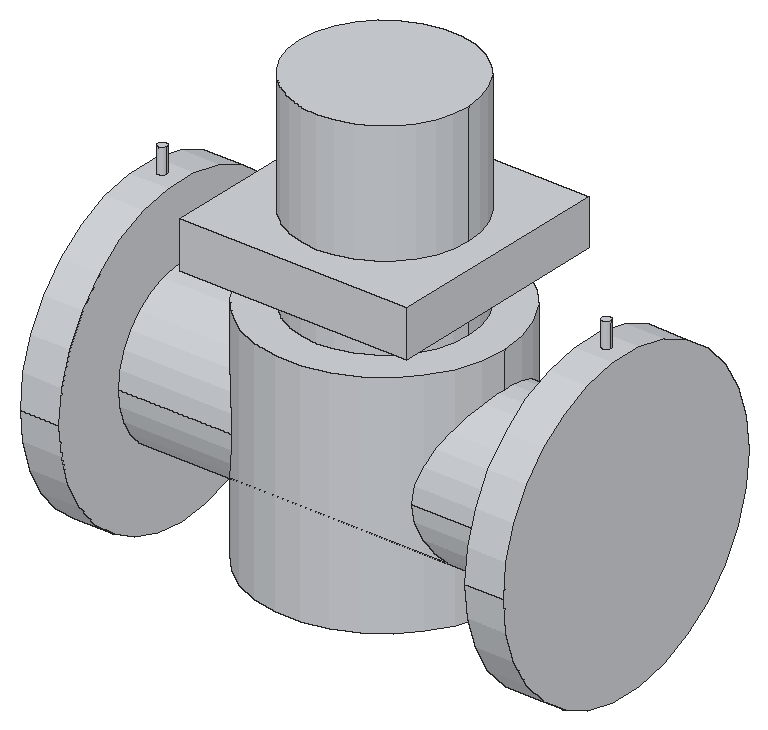
Revit family "PV_Compact_PN16_DN200_(90-350kPa)_RFA_2019", category Pipe Accessories, Revit 2019
Family settings
  Round Connector Dimension = Use Diameter
  Part Type = Valve - Breaks Into
  Work Plane-Based = No
  Always vertical = Yes
  Cut with Voids When Loaded = No
  Shared = No
Parameters (values of type "PV Compact PN16 DN200 (90-350kPa)")
  magiProductId = "d4da5ac8261147a98be9f2bfe38293"
  magiProductFamilyId = "702e6e0aa49e4742ba9b7167dc79b1"
  magiPartTypeId = 304
  isMeasuringValve [instance] = no
  ang2D [instance] = 0.00°
  W2D = 125 mm
  VersionID = "2.0/2018.12.13.2/FRESE_PV_COMPACT_BIG_Q13_001"
  Use Minimum Symbol Size [instance] = no
  URL = "www.hydronix.cz"
  Type Comments = "PŘÍRUBOVÝ; PN16; dpmax=1000kPa; -10~+110°C"
  R4 = 105 mm
  R3 = 98.8 mm
  R1 = 150 mm
  QmdConnectorList = "301;D;302;D"
  Productdata [instance] = ""
  Manufacturer = "Hydronix"
  Maintenance Zone Under Depth [instance] = 100 mm
  Maintenance Zone Right Depth [instance] = 100 mm
  Maintenance Zone Over Depth [instance] = 100 mm
  Maintenance Zone Left Depth [instance] = 100 mm
  Maintenance Zone Front Depth [instance] = 100 mm
  Maintenance Zone Back Depth [instance] = 100 mm
  Maintenance Zone Front Visibility [instance] = no
  MC Use Limits From Balancing Method = no
  MC Throttling Minimum Value = 0
  MC Throttling Maximum Value = 0
  MC Product Code = "53-3319 DN200 PN16; nastavitelný rozsah dp=90~350kPa; Q=65,2~261 m3/h;  kvs=275"
  MC Pressure Drop Minimum Value = 0.0 Pa
  MC Pressure Drop Maximum Value = 0.0 Pa
  MC Piping Given Pressure Drop [instance] = 0.0 Pa
  LF__ve = -LF  # -48 mm
  LF2 = 24 mm
  LF = 48 mm
  L4 = 282 mm
  L3 = 504 mm
  L2D_Min = 30.48 mm
  L2D = 400 mm
  L2 = 300 mm
  H6 = 150 mm
  H4 = 57 mm
  H3 = 47.5 mm
  H2 = 142.5 mm
  H1 = 285 mm
  Description = "Nastavitelný regulátor tlakové diference"
  DF2 = 190 mm
  D = 200 mm
  Clearance Zone Height Depth [instance] = 100 mm
  Clearance Zone Circular Radius [instance] = 300 mm
  Clearance Zone Visibility [instance] = no
  CAT0 = yes
Types (3, lengths in mm): name | magiProductId | Type Comments | R4 | R3 | R1 | MC Product Code | LF__ve | LF2 | LF | L4 | L3 | L2 | H6 | H4 | H3 | H2 | H1 | DF2 | D | Clearance Zone Circular Radius
  PV Compact PN16 DN125 (90-350kPa) | "b03890f2a0d24210acc7aed5971b3a" | "PŘÍRUBOVÝ; PN16; dpmax=1000kPa; -10~+120°C" | 70 | 70.2 | 100 | "53-3313 DN125 PN16; nastavitelný rozsah dp=90~350kPa; Q=40,3~161 m3/h;  kvs=170" | -32 | 16 | 32 | 188 | 336 | 200 | 225.5 | 40.5 | 33.75 | 101.25 | 202.5 | 135 | 125 | 200
  PV Compact PN16 DN150 (90-350kPa) | "05be4e71780741e6bc35f05414b0ce" | "PŘÍRUBOVÝ; PN16; dpmax=1000kPa; -10~+120°C" | 84 | 74.1 | 120 | "53-3316 DN150 PN16; nastavitelný rozsah dp=90~350kPa; Q=59,3~237 m3/h;  kvs=250" | -38.4 | 19.2 | 38.4 | 225.6 | 403.2 | 240 | 256.25 | 42.75 | 35.625 | 106.875 | 213.75 | 142.5 | 150 | 240
  PV Compact PN16 DN200 (90-350kPa) | "d4da5ac8261147a98be9f2bfe38293" | "PŘÍRUBOVÝ; PN16; dpmax=1000kPa; -10~+110°C" | 105 | 98.8 | 150 | "53-3319 DN200 PN16; nastavitelný rozsah dp=90~350kPa; Q=65,2~261 m3/h;  kvs=275" | -48 | 24 | 48 | 282 | 504 | 300 | 150 | 57 | 47.5 | 142.5 | 285 | 190 | 200 | 300
Reference planes
  plane 1 "Center (Front/Back)": y = 0
  plane 2 "XYPLANE": z = 0
  plane 3 "Center (Left/Right)": x = 0
  plane 4 "257": y = -190
  plane 5 "256": y = 190
  plane 6 "255": z = -190
  plane 7 "254": y = -290
  plane 8 "253": y = 290
  plane 9 "252": x = -400
  plane 10 "251": x = 400
  plane 11 "250": z = 497
  plane 12 "249": z = -290
  plane 13 "248": z = 497
  plane 14 "247": z = 397
  plane 15 "157": x = 276
  plane 16 "156": x = -276
  plane 17 "155": z = 190
  plane 18 "154": z = 247
  plane 19 "153": z = 190
  plane 20 "152": z = 142.5
  plane 21 "151": x = -252
  plane 22 "150": z = -142.5
  plane 23 "149": x = 0
  plane 24 "148": y = 0
  plane 25 "147": z = 0
  plane 26 "146": x = -300
  plane 27 "145": x = 300
Forms (mm)
  Blend 1, solid, visible <- "Maintenance Zone Front Visibility"
    base sketch origin (-750, 0, -290) x (1, 0, 0) y (0, 1, 0)
      loop
        line (350, 290) -> (350, -290) -> (1150, -290) -> (1150, 290) -> (350, 290)
    top sketch origin (-750, 0, -290) x (1, 0, 0) y (0, 1, 0)
      loop
        line (350, 290) -> (350, -290) -> (1150, -290) -> (1150, 290) -> (350, 290)
    from 0 to 787
  Blend 2, solid, visible <- "Clearance Zone Visibility"
    base sketch origin (-750, 0, 0) x (1, 0, 0) y (0, 1, 0)
      loop
        circle (750, 0) r 300
    top sketch origin (-750, 0, 0) x (1, 0, 0) y (0, 1, 0)
      loop
        circle (750, 0) r 300
    from 0 to 497
  Extrusion 3, solid, visible <- "CAT0"
    sketch origin (-750, 0, 190) x (1, 0, 0) y (0, 1, 0)
      loop
        circle (1026, 0) r 5.5
    from 0 to 30
  Extrusion 4, solid, visible <- "CAT0"
    sketch origin (-750, 0, 190) x (1, 0, 0) y (0, 1, 0)
      loop
        circle (474, 0) r 5.5
    from 0 to 30
  Extrusion 5, solid
    sketch origin (-750, 0, 247) x (1, 0, 0) y (0, 1, 0)
      loop
        circle (750, 0) r 105
    from 0 to 150 <- "H6"
  Extrusion 6, solid, visible <- "CAT0"
    sketch origin (-750, 0, 190) x (1, 0, 0) y (0, 1, 0)
      loop
        line (891, 141) -> (609, 141) -> (609, -141) -> (891, -141) -> (891, 141)
    from 0 to 57 <- "H4"
  Extrusion 7, solid, visible <- "CAT0"
    sketch origin (-750, 0, 142.5) x (1, 0, 0) y (0, 1, 0)
      loop
        circle (750, 0) r 105
    from 0 to 47.5 <- "H3"
  Extrusion 8, solid, visible <- "CAT0"
    sketch origin (-252, -750, 0) x (0, 1, 0) y (0, 0, 1)
      loop
        circle (750, 0) r 98.8
    from 0 to 504 <- "L3"
  Extrusion 9, solid, visible <- "CAT0"
    sketch origin (-750, 0, -142.5) x (1, 0, 0) y (0, 1, 0)
      loop
        circle (750, 0) r 150
    from 0 to 285 <- "H1"
  Extrusion 10, solid, visible <- "CAT0"
    sketch origin (-300, -750, 0) x (0, 1, 0) y (0, 0, 1)
      loop
        circle (750, 0) r 190
    from 0 to 48 <- "LF"
  Extrusion 11, solid, visible <- "CAT0"
    sketch origin (300, -750, 0) x (0, 1, 0) y (0, 0, 1)
      loop
        circle (750, 0) r 190
    from 0 to -48 <- "LF__ve"
  Extrusion 12, solid, not visible
    sketch origin (-300, -750, 0) x (0, 1, 0) y (0, 0, 1)
      loop
        circle (750, 0) r 10
    from 0 to 10
  Extrusion 13, solid, not visible
    sketch origin (300, -750, 0) x (0, 1, 0) y (0, 0, 1)
      loop
        circle (750, 0) r 10
    from 0 to -10
Lines and regions (mm)
  reference lines, not visible
    curve 1: circle (2, 2, 0) r 1 normal (0, 0, 1)
  reference lines
    curve 2: circle (0, 0, 190) r 1 normal (0, 0, 1)
Dimensions and locks
  plane 1 "Center (Front/Back)" to curve 1 = 2 mm
  "DF2": plane 24 "148" to plane 4 "257"
  "DF2": plane 24 "148" to plane 5 "256"
  "DF2": plane 25 "147" to plane 6 "255"
  "Maintenance Zone Front Depth": plane 4 "257" to plane 7 "254"
  "Maintenance Zone Back Depth": plane 5 "256" to plane 8 "253"
  "Maintenance Zone Left Depth": plane 26 "146" to plane 9 "252"
  "Maintenance Zone Right Depth": plane 27 "145" to plane 10 "251"
  "Maintenance Zone Over Depth": plane 14 "247" to plane 11 "250"
  "Maintenance Zone Under Depth": plane 6 "255" to plane 12 "249"
  "Clearance Zone Height Depth": plane 14 "247" to plane 13 "248"
  "H6": plane 18 "154" to plane 14 "247"
  "LF2": plane 27 "145" to plane 15 "157"
  "LF2": plane 26 "146" to plane 16 "156"
  "DF2": plane 2 "XYPLANE" to plane 17 "155"
  "H4": plane 19 "153" to plane 18 "154"
  "H3": plane 20 "152" to plane 19 "153"
  "H1": plane 22 "150" to plane 20 "152"
  "LF": plane 26 "146" to plane 21 "151"
  "H2": plane 2 "XYPLANE" to plane 22 "150"
  locked: plane 3 "Center (Left/Right)" to plane 23 "149"
  locked: plane 1 "Center (Front/Back)" to plane 24 "148"
  locked: plane 2 "XYPLANE" to plane 25 "147"
  "L2": plane 3 "Center (Left/Right)" to plane 26 "146"
  "L2": plane 3 "Center (Left/Right)" to plane 27 "145"
  Blend 1 sketch curve to Blend 1 sketch curve = 0 mm  (x16)
  equal spacing: Extrusion 6 sketch curve, curve 2, Extrusion 6 sketch curve  (x2)
  "L4": Extrusion 6 sketch curve to Extrusion 6 sketch curve  (x2)
  Extrusion 6 sketch curve to Extrusion 6 sketch curve = 0 mm  (x8)
  "Clearance Zone Circular Radius": radius of Blend 2 sketch curve  (x2)
  "R4": radius of Extrusion 5 sketch curve
  "R4": radius of Extrusion 7 sketch curve
  "R3": radius of Extrusion 8 sketch curve
  "R1": radius of Extrusion 9 sketch curve
  "DF2": radius of Extrusion 10 sketch curve
  "DF2": radius of Extrusion 11 sketch curve
  aligned and locked: level to plane 2 "XYPLANE"
  aligned and locked: Blend 1 sketch curve to plane 8 "253"  (x2)
  aligned and locked: plane 9 "252" to Blend 1 sketch curve  (x4)
  aligned and locked: plane 10 "251" to Blend 1 sketch curve  (x4)
  aligned and locked: plane 8 "253" to Blend 1 sketch curve  (x2)
  aligned and locked: plane 7 "254" to Blend 1 sketch curve  (x4)
  aligned and locked: plane 11 "250" to Blend 1
  aligned and locked: plane 23 "149" to Blend 2 sketch curve  (x2)
  aligned and locked: plane 24 "148" to Blend 2 sketch curve  (x2)
  aligned and locked: plane 13 "248" to Blend 2
  aligned and locked: plane 15 "157" to Extrusion 3 sketch curve
  aligned and locked: plane 24 "148" to Extrusion 3 sketch curve
  aligned and locked: plane 16 "156" to Extrusion 4 sketch curve
  aligned and locked: plane 24 "148" to Extrusion 4 sketch curve
  aligned and locked: plane 23 "149" to Extrusion 5 sketch curve
  aligned and locked: plane 24 "148" to Extrusion 5 sketch curve
  aligned and locked: plane 23 "149" to curve 2
  aligned and locked: plane 24 "148" to curve 2
  aligned and locked: plane 23 "149" to Extrusion 7 sketch curve
  aligned and locked: plane 24 "148" to Extrusion 7 sketch curve
  aligned and locked: Extrusion 8 sketch curve to plane 24 "148"
  aligned and locked: plane 25 "147" to Extrusion 8 sketch curve
  aligned and locked: plane 23 "149" to Extrusion 9 sketch curve
  aligned and locked: plane 24 "148" to Extrusion 9 sketch curve
  aligned and locked: Extrusion 10 sketch curve to plane 24 "148"
  aligned and locked: plane 25 "147" to Extrusion 10 sketch curve
  aligned and locked: Extrusion 11 sketch curve to plane 24 "148"
  aligned and locked: plane 25 "147" to Extrusion 11 sketch curve
  aligned and locked: Extrusion 12 sketch curve to plane 24 "148"
  aligned and locked: plane 25 "147" to Extrusion 12 sketch curve
  aligned and locked: Extrusion 13 sketch curve to plane 24 "148"
  aligned and locked: plane 25 "147" to Extrusion 13 sketch curve
Automatic sketch dimensions
  Extrusion 3 sketch curve to Extrusion 3 sketch curve = 5.5 mm
  Extrusion 4 sketch curve to Extrusion 4 sketch curve = 5.5 mm
  plane 1 "Center (Front/Back)" to Extrusion 12 sketch curve = 10 mm
  plane 1 "Center (Front/Back)" to Extrusion 13 sketch curve = 10 mm
  plane 3 "Center (Left/Right)" to curve 1 = 2 mm
  plane 21 "151" to Extrusion 6 sketch curve = 111 mm
  plane 4 "257" to Extrusion 6 sketch curve = 49 mm
  radius of curve 2 = 1 mm
  radius of curve 1 = 1 mm
Connectors
  piping at (-300, 0, 0), diameter 200, driven by "D"
    settings: on Extrusion 12, index 1, connector inside diameter 609.6 mm, connector length 0 mm, flow factor 0, pipe flow 0.0 L/s, pressure drop 0.0 Pa, fitting loss kfactor 0, connector angle 0.00°, fixture units 0, engagement length 0 mm, angle of deflection 0.00°, flow configuration 0, flow direction 0, fitting loss method 0, system type 29, joint type 0, gender type 0, connector reference index 2, connector utility 0, adjustable connector no, is connector primary yes, connector description ""
  piping at (300, 0, 0), diameter 200, driven by "D"
    settings: on Extrusion 13, index 2, connector inside diameter 609.6 mm, connector length 0 mm, flow factor 0, pipe flow 0.0 L/s, pressure drop 0.0 Pa, fitting loss kfactor 0, connector angle 0.00°, fixture units 0, engagement length 0 mm, angle of deflection 0.00°, flow configuration 0, flow direction 0, fitting loss method 0, system type 29, joint type 0, gender type 0, connector reference index 1, connector utility 0, adjustable connector no, is connector primary no, connector description ""
